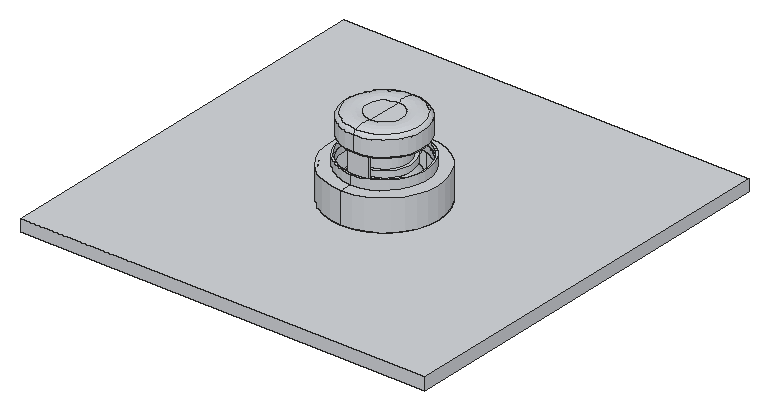
Revit family "Mflux M7", category Lighting Fixtures, Revit 2014
Parameters (values of type "Mflux M7 Fixed")
  Wattage Comments = "64"
  Wattage = 7.1 W
  built-in parameter 1150110 = 1 (stored number, unit not read)
  Type Comments = "Recessed"
  Type = "Mflux M7 Fixed"
  built-in parameter 1114217 = 1 (stored number, unit not read)
  built-in parameter 1150109 = 1 (stored number, unit not read)
  built-in parameter 1150134 = 12
  built-in parameter 1150113 = 1 (stored number, unit not read)
  O/A Diameter (mm) = "179"
  Model = "Mflux M7 Fixed"
  Manufacturer = "Designed Architectural Lighting"
  Luminous flux of luminaire (lm) = "6500 max"
  Lumens = 1001.1 lm
  built-in parameter 1150115 = 1 (stored number, unit not read)
  built-in parameter 1150105 = 79.665 (stored number, unit not read)
  Light Source Symbol Size = 609.6 mm
  built-in parameter 1150137 = (empty or 0)
  built-in parameter 1150139 = (empty or 0)
  built-in parameter 1150112 = 1 (stored number, unit not read)
  built-in parameter 1150114 = 1 (stored number, unit not read)
  Lamp = "LED"
  built-in parameter 1150132 = (empty or 0)
  built-in parameter 1150102 = (empty or 0)
  built-in parameter 1150138 = (empty or 0)
  built-in parameter 1150107 = 4000 (stored number, unit not read)
  built-in parameter 1150106 = 0.79665 (stored number, unit not read)
  Height (mm) = "136"
  built-in parameter 1150104 = 13.099 (stored number, unit not read)
  Dimming Lamp Color Temperature Shift = <None>
  Description = "Recessed LED downlighter"
  Cut Out (mm) = "165"
  Colour temperature (K) = "2700/3000/4000"
  Color Filter = 16777215
  CRI = "90+"
  built-in parameter 1114218 = 1 (stored number, unit not read)
  built-in parameter 1150133 = 10 (stored number, unit not read)
  Apparent Load = 64 VA
  Aperture (mm) = "150"
Reference planes
  plane 1 "Light Source Axis (F/B)": y = 0
  plane 2: z = 0
  plane 3 "Light Source Axis (L/R)": x = 0
  plane 4 "Light Source Elevation": z = 0
Forms (mm)
  Extrusion 1, solid
    sketch origin (-38.915, -66.34, 0) x (1, 0, 0) y (0, 1, 0)
      loop
        line (-261.085, 366.181) -> (-261.085, -233.819) -> (338.915, -233.819) -> (338.915, 366.181) -> (-261.085, 366.181)
      loop
        circle (38.915, 66.181) r 80
    from 0 to 18
  Revolve 2, solid
    sketch origin (0, 0, 0) x (0, 1, 0) y (0, 0, 1)
      loop
        line (80.676, 0) -> (80.676, 18) -> (80.676, 63.456) -> (61.811, 63.456) -> (61.811, 76.88) -> (59.723, 76.88) -> (59.723, 70.267) -> (58.365, 70.267) -> (58.365, 61.17) -> (77.256, 61.17) -> (77.256, -2.006) -> (89.339, -2.006) -> (89.339, 0) -> (80.676, 0)
      axis (0, -2.006) -> (0, 76.88)
    angle from 0 to 360
  Revolve 3, solid
    sketch origin (0, 0, 0) x (0, 1, 0) y (0, 0, 1)
      loop
        line (77.047, -2.006) -> (77.047, 18.458) -> (71.327, 18.458) -> (71.327, 8.458) -> (70.365, 8.458) -> (64.63, 16.649) -> (64.63, 31.649) -> (60.23, 31.649) -> (60.23, 28.377) -> (53.719, 28.377) -> (74.993, -2.006) -> (77.047, -2.006)
      axis (0, 31.649) -> (0, -2.006)
    angle from 0 to 360
  Revolve 4, solid
    sketch origin (0, 0.105, -21.158) x (0, 1, 0) y (0, 0, 1)
      loop
        line (56.017, 52.68) -> (56.017, 57.286) -> (35.767, 89.692) -> (40.228, 89.692) -> (40.228, 98.038) -> (33.983, 98.038) -> (33.983, 86.555) -> (30.614, 86.555) -> (31.827, 84.614) -> (34.267, 84.614) -> (35.766, 86.113) -> (54.009, 56.918) -> (54.009, 52.68) -> (56.017, 52.68)
      axis (0, 98.038) -> (0, 52.68)
    angle from 0 to 360
  Revolve 5, solid
    sketch origin (0, 0, 0) x (0, 1, 0) y (0, 0, 1)
      loop
        line (0, 102.379) -> (0, 65.396) -> (5.94, 65.396) -> (34.048, 65.396) -> (34.048, 92.816) -> (25.664, 97.088) -> (25.664, 102.379) -> (0, 102.379)
      axis (0, 102.379) -> (0, 65.396)
    angle from 0 to 360
  Revolve 6, solid
    sketch origin (0, 0, 0) x (0, 1, 0) y (0, 0, 1)
      loop
        line (0, 102.379) -> (55, 102.379) -> (57.565, 104.943) -> (57.565, 127.66)
        arc (57.565, 127.66) -> (55.532, 130.704) -> (52.488, 132.737) r 9.367
        arc (52.488, 132.737) -> (39.479, 135.676) -> (26.234, 134.113) r 39.447
        line (26.234, 134.113) -> (0, 134.113) -> (0, 102.379)
      axis (0, 134.113) -> (0, 102.379)
    angle from 0 to 360
  Extrusion 7, solid
    sketch origin (0, 0, 0) x (0, 1, 0) y (0, 0, 1)
      loop
        line (48.764, 102.379) -> (46.439, 102.379) -> (46.439, 63.456) -> (48.764, 63.456) -> (48.764, 102.379)
    from -15.306 to 15.671
  Extrusion 8, solid
    sketch origin (0, 0, 0) x (0, 1, 0) y (0, 0, 1)
      loop
        line (-46.64, 102.379) -> (-48.64, 102.379) -> (-48.64, 63.456) -> (-46.64, 63.456) -> (-46.64, 102.379)
    from -15.306 to 15.671
Dimensions and locks
  aligned and locked: plane 3 "Light Source Axis (L/R)" to imposter light
  aligned and locked: plane 1 "Light Source Axis (F/B)" to imposter light
  aligned and locked: plane 4 "Light Source Elevation" to imposter light
  aligned and locked: level to plane 2
